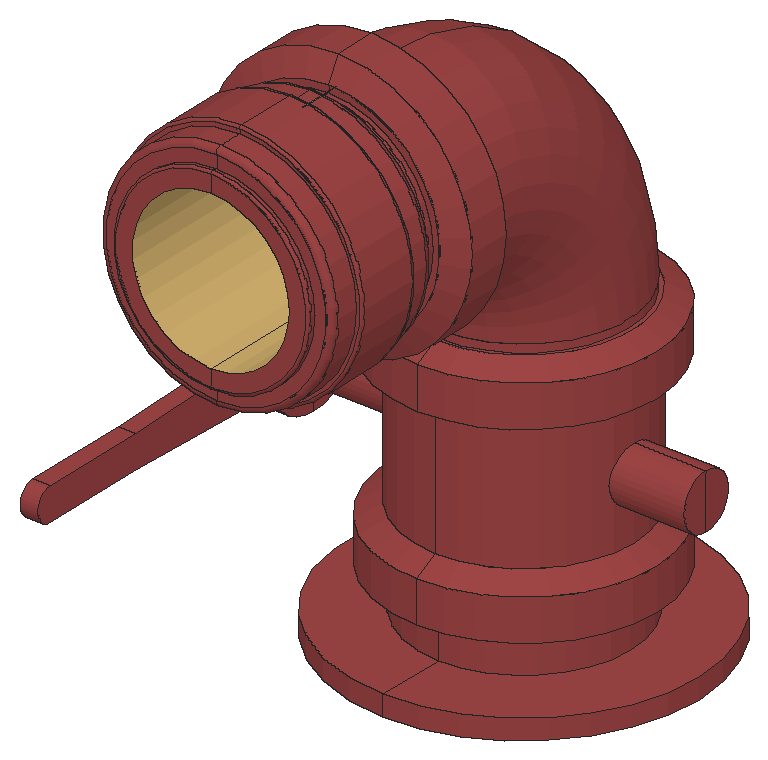
Revit family
Parameters (values of type "380234")
  URL = "www.galvinengineering.com.au"
  Type Comments = "380234"
  StyleOrType_ANZRS = "Fire Fighting Equipment"
  ModifiedIssue_ANZRS = 20120811.01  # constant formula
  Model = "380234"
  Manufacturer = "Galvin Engineering"
  Keynote = "10520"
  Instructions = "http://www.galvinengineering.com.au/Installation_Guides_1.aspx"
  FlowRate = 0.00 L/s
  FilterObject_ANZRS = "380234"
  DimOutletRadius = 62.5 mm
  DimInletRadius = 50.0 mm
  Description = "Suction Riser 150TE TO 125 Storz (Painted)"
  CreatedBy_ANZRS = "Galvin Engineering"
  CreatedByURL_ANZRS = "www.galvinengineering.com.au"
  CreatedByPhoneNo_ANZRS = "61-8-92495900"
  Assembly Code = "D4030"
Reference planes
  plane 1 "Center (Front/Back)": y = 0
  plane 2 "Bottom": z = 0
  plane 3 "Center (Left/Right)": x = 0
  plane 4 "Left": x = -215
  plane 5: z = 385
  plane 6 "Front": y = -310
Forms (mm)
  Revolve 1, solid, material "Metal_Fire-Fighting_Zincalume-Steel-Powder-Coated_15400"
    sketch origin (0, 0, 0) x (0, 1, 0) y (0, 0, 1)
      loop
        line (-184.038, 492.161) -> (-194.038, 474.161) -> (-194.038, 468.445) -> (-198.438, 468.445)
        arc (-198.438, 468.445) -> (-200.206, 467.713) -> (-200.938, 465.945) r 2.5
        line (-200.938, 465.945) -> (-200.938, 463.92) -> (-208.088, 463.92) -> (-208.088, 473.77)
        arc (-208.088, 473.77) -> (-209.553, 477.306) -> (-213.088, 478.77) r 5
        line (-213.088, 478.77) -> (-231.088, 478.77) -> (-231.088, 481.87)
        arc (-231.088, 481.87) -> (-231.674, 483.284) -> (-233.088, 483.87) r 2
        line (-233.088, 483.87) -> (-281.094, 483.87)
        arc (-281.094, 483.87) -> (-282.508, 483.284) -> (-283.094, 481.87) r 2
        line (-283.094, 481.87) -> (-283.094, 478.77) -> (-301.094, 478.77)
        arc (-301.094, 478.77) -> (-304.629, 477.306) -> (-306.094, 473.77) r 5
        line (-306.094, 473.77) -> (-306.094, 463.92) -> (-309.244, 463.92)
        arc (-309.244, 463.92) -> (-310.658, 463.334) -> (-311.244, 461.92) r 2
        line (-311.244, 461.92) -> (-311.244, 448.42) -> (-141.224, 448.42) -> (-141.224, 474.495) -> (-151.038, 492.161) -> (-184.038, 492.161)
      axis (-141.224, 385.92) -> (-311.244, 385.92)
    angle from 0 to 360
  Revolve 2, solid, material "Metal_Fire-Fighting_Zincalume-Steel-Powder-Coated_15400"
    sketch origin (0, 0, 0) x (0, 1, 0) y (0, 0, 1)
      loop
        line (140, 16) -> (85.15, 16) -> (85.15, 38.663) -> (106.241, 50.38) -> (106.241, 83.38) -> (88, 93.514) -> (88, 192.772) -> (105.583, 202.54) -> (105.583, 235.54) -> (87.583, 245.54) -> (44, 245.54) -> (44, 0) -> (140, 0) -> (140, 16)
      axis (0, 245.54) -> (0, 0)
    angle from 0 to 360
  Sweep 3, solid, material "Metal_Fire-Fighting_Zincalume-Steel-Powder-Coated_15400"
    path origin (0, 0, 0) x (0, 1, 0) y (0, 0, 1)
      loop
        line (-141.224, 385.97) -> (-134.808, 385.97)
        arc (-134.808, 385.97) -> (-39.914, 346.664) -> (-0.608, 251.77) r 134.2
        line (-0.608, 251.77) -> (-0.608, 245.54)
    profile origin (0, -39.914, 346.664) x (0, 0.707107, 0.707107) y (1, 0, 0)
      loop
        circle (0, 0) r 84.15
  Revolve 4, solid, material "Metal_Fire-Fighting_Zincalume-Steel-Powder-Coated_15400"
    sketch origin (0, 0, -22.464) x (1, 0, 0) y (0, 0, 1)
      loop
        line (145, 143.424) -> (145, 165.424) -> (-215, 165.424) -> (-215, 158.924) -> (-214.418, 157.916) -> (-183, 157.916) -> (-183, 120.424) -> (-167, 120.424) -> (-167, 143.424) -> (145, 143.424)
      axis (-215, 165.424) -> (145, 165.424)
    angle from 0 to 360
  Extrusion 5, solid, material "Metal_Fire-Fighting_Zincalume-Steel-Powder-Coated_15400"
    sketch origin (0, 0, 20.22) x (0, 1, 0) y (0, 0, 1)
      loop
        line (-172, 135.74) -> (-257, 135.74)
        arc (-257, 135.74) -> (-270, 122.74) -> (-257, 109.74) r 13
        line (-257, 109.74) -> (-172, 109.74) -> (0, 104.24) -> (25, 122.74) -> (0, 141.24) -> (-172, 135.74)
    from -171 to -185
Cuts and joins
  joined: Revolve 2, Revolve 4, Extrusion 5
Lines and regions (mm)
  symbolic lines, detail levels medium+fine
    curve 1: circle (0, -300, 385.92) r 64 normal (0, -1, 0)
    curve 2: circle (0, -300, 385.92) r 70 normal (0, -1, 0)
    curve 25: circle (-122.502, -300, 219.135) r 9.179 normal (0, -1, 0)
    curve 26: circle (-122.502, -300, 219.135) r 7.65 normal (0, -1, 0)
    curve 27: line (0, -48.43, 159.911) -> (0, -51.213, 161.6)
    curve 28: arc (0, -51.213, 161.6) -> (0, -50.57, 163.281) -> (0, -49.871, 164.94) r 54.5
    curve 29: line (0, -49.871, 164.94) -> (0, -43.271, 163.504)
    curve 30: arc (0, -43.271, 163.504) -> (0, -42.713, 164.64) -> (0, -42.125, 165.761) r 47.9
    curve 31: line (0, -42.125, 165.761) -> (0, -47.198, 170.21)
    curve 32: arc (0, -47.198, 170.21) -> (0, -46.273, 171.754) -> (0, -45.297, 173.266) r 54.5
    curve 33: line (0, -45.297, 173.266) -> (0, -39.046, 170.706)
    curve 34: arc (0, -39.046, 170.706) -> (0, -38.299, 171.728) -> (0, -37.526, 172.729) r 47.9
    curve 35: line (0, -37.526, 172.729) -> (0, -41.749, 177.992)
    curve 36: arc (0, -41.749, 177.992) -> (0, -40.57, 179.352) -> (0, -39.346, 180.672) r 54.5
    curve 37: line (0, -39.346, 180.672) -> (0, -33.635, 177.064)
    curve 38: arc (0, -33.635, 177.064) -> (0, -32.722, 177.941) -> (0, -31.786, 178.793) r 47.9
    curve 39: line (0, -31.786, 178.793) -> (0, -35.032, 184.709)
    curve 40: arc (0, -35.032, 184.709) -> (0, -33.634, 185.844) -> (0, -32.199, 186.931) r 54.5
    curve 41: line (0, -32.199, 186.931) -> (0, -27.202, 182.387)
    curve 42: arc (0, -27.202, 182.387) -> (0, -26.15, 183.092) -> (0, -25.081, 183.769) r 47.9
    curve 43: line (0, -25.081, 183.769) -> (0, -27.25, 190.158)
    curve 44: arc (0, -27.25, 190.158) -> (0, -25.676, 191.033) -> (0, -24.075, 191.854) r 54.5
    curve 45: line (0, -24.075, 191.854) -> (0, -19.942, 186.511)
    curve 46: arc (0, -19.942, 186.511) -> (0, -18.784, 187.023) -> (0, -17.614, 187.504) r 47.9
    curve 47: line (0, -17.614, 187.504) -> (0, -18.64, 194.173)
    curve 48: arc (0, -18.64, 194.173) -> (0, -16.939, 194.761) -> (0, -15.219, 195.292) r 54.5
    curve 49: line (0, -15.219, 195.292) -> (0, -12.076, 189.313)
    curve 50: arc (0, -12.076, 189.313) -> (0, -10.847, 189.616) -> (0, -9.611, 189.886) r 47.9
    curve 51: line (0, -9.611, 189.886) -> (0, -9.464, 196.632)
    curve 52: arc (0, -9.464, 196.632) -> (0, -7.686, 196.915) -> (0, -5.9, 197.14) r 54.5
    curve 53: line (0, -5.9, 197.14) -> (0, -3.844, 190.706)
    curve 54: arc (0, -3.844, 190.706) -> (0, -2.581, 190.79) -> (0, -1.316, 190.842) r 47.9
    curve 55: line (0, -1.316, 190.842) -> (0, 0, 197.46)
    curve 56: arc (0, 0, 197.46) -> (0, 5.723, 197.159) -> (0, 11.382, 196.258) r 54.5
    curve 57: arc (0, 11.382, 196.258) -> (0, 13.058, 196.659) -> (0, 13.8, 198.214) r 2
    curve 58: line (0, 13.8, 198.214) -> (0, 13.8, 209.46)
    curve 59: arc (0, 13.8, 209.46) -> (0, 14.093, 210.167) -> (0, 14.8, 210.46) r 1
    curve 60: line (0, 14.8, 210.46) -> (0, 28.8, 199.46)
    curve 61: line (0, 28.8, 199.46) -> (0, 43.072, 155.99)
    curve 62: circle (0, 0, 142.96) r 14.9 normal (-1, 0, 0)
    curve 63: line (0, -256.338, 483.783) -> (0, -256.338, 288.057)
    curve 64: line (0, -257.844, 483.783) -> (0, -257.844, 288.057)
    curve 65: line (0, -172, 129.96) -> (0, -172, 155.96)
    curve 75: circle (122.502, -300, 219.135) r 9.179 normal (0, 1, 0)
    curve 76: circle (122.502, -300, 219.135) r 7.65 normal (0, 1, 0)
    curve 86: circle (-122.502, -300, 67.962) r 9.179 normal (0, -1, 0)
    curve 87: circle (-122.502, -300, 67.962) r 7.65 normal (0, -1, 0)
    curve 97: circle (122.502, -300, 67.962) r 9.179 normal (0, 1, 0)
    curve 98: circle (122.502, -300, 67.962) r 7.65 normal (0, 1, 0)
  symbolic lines
    curve 3: circle (0, -300, 385.92) r 13 normal (0, -1, 0)
    curve 16: line (-83.754, -300, 256.717) -> (-108.754, -300, 256.717)
    curve 17: line (-88.754, -300, 181.554) -> (-108.754, -300, 181.554)
    curve 18: arc (-108.754, -300, 256.717) -> (-146.335, -300, 219.135) -> (-108.754, -300, 181.554) r 37.582
    curve 66: line (83.754, -300, 256.717) -> (108.754, -300, 256.717)
    curve 67: line (108.754, -300, 181.554) -> (86.752, -300, 181.554)
    curve 68: arc (108.754, -300, 256.717) -> (146.335, -300, 219.135) -> (108.754, -300, 181.554) r 37.582
    curve 77: line (-88.754, -300, 105.544) -> (-108.754, -300, 105.544)
    curve 78: line (-83.754, -300, 30.38) -> (-108.754, -300, 30.38)
    curve 79: arc (-108.754, -300, 105.544) -> (-146.335, -300, 67.962) -> (-108.754, -300, 30.38) r 37.582
    curve 88: line (86.752, -300, 105.544) -> (108.754, -300, 105.544)
    curve 89: line (83.754, -300, 30.38) -> (108.754, -300, 30.38)
    curve 90: arc (108.754, -300, 105.544) -> (146.335, -300, 67.962) -> (108.754, -300, 30.38) r 37.582
  symbolic lines, detail levels fine
    curve 4: line (-69.284, -300, 419.859) -> (-82.3, -300, 427.374)
    curve 5: line (-64.034, -300, 428.952) -> (-77.05, -300, 436.467)
    curve 6: line (-5.25, -300, 462.891) -> (-5.25, -300, 477.92)
    curve 7: line (5.25, -300, 462.891) -> (5.25, -300, 477.92)
    curve 8: line (64.034, -300, 428.952) -> (77.05, -300, 436.467)
    curve 9: line (69.284, -300, 419.859) -> (82.3, -300, 427.374)
    curve 10: line (70.354, -300, 351.364) -> (83.344, -300, 343.864)
    curve 11: line (65.104, -300, 342.27) -> (78.094, -300, 334.77)
    curve 12: line (5.25, -300, 307.381) -> (5.25, -300, 292.381)
    curve 13: line (-5.25, -300, 307.381) -> (-5.25, -300, 292.381)
    curve 14: line (-64.996, -300, 342.332) -> (-77.987, -300, 334.832)
    curve 15: line (-70.246, -300, 351.426) -> (-83.237, -300, 343.926)
    curve 19: line (-136.27, -300, 227.084) -> (-122.502, -300, 235.033)
    curve 20: line (-122.502, -300, 235.033) -> (-108.734, -300, 227.084)
    curve 21: line (-108.734, -300, 227.084) -> (-108.734, -300, 211.187)
    curve 22: line (-108.734, -300, 211.187) -> (-122.502, -300, 203.238)
    curve 23: line (-122.502, -300, 203.238) -> (-136.27, -300, 211.187)
    curve 24: line (-136.27, -300, 211.187) -> (-136.27, -300, 227.084)
    curve 69: line (136.27, -300, 227.084) -> (122.502, -300, 235.033)
    curve 70: line (122.502, -300, 235.033) -> (108.734, -300, 227.084)
    curve 71: line (108.734, -300, 227.084) -> (108.734, -300, 211.187)
    curve 72: line (108.734, -300, 211.187) -> (122.502, -300, 203.238)
    curve 73: line (122.502, -300, 203.238) -> (136.27, -300, 211.187)
    curve 74: line (136.27, -300, 211.187) -> (136.27, -300, 227.084)
    curve 80: line (-136.27, -300, 75.911) -> (-122.502, -300, 83.86)
    curve 81: line (-122.502, -300, 83.86) -> (-108.734, -300, 75.911)
    curve 82: line (-108.734, -300, 75.911) -> (-108.734, -300, 60.013)
    curve 83: line (-108.734, -300, 60.013) -> (-122.502, -300, 52.064)
    curve 84: line (-122.502, -300, 52.064) -> (-136.27, -300, 60.013)
    curve 85: line (-136.27, -300, 60.013) -> (-136.27, -300, 75.911)
    curve 91: line (136.27, -300, 75.911) -> (122.502, -300, 83.86)
    curve 92: line (122.502, -300, 83.86) -> (108.734, -300, 75.911)
    curve 93: line (108.734, -300, 75.911) -> (108.734, -300, 60.013)
    curve 94: line (108.734, -300, 60.013) -> (122.502, -300, 52.064)
    curve 95: line (122.502, -300, 52.064) -> (136.27, -300, 60.013)
    curve 96: line (136.27, -300, 60.013) -> (136.27, -300, 75.911)
Dimensions and locks
  locked: plane 4 "Left" to plane 3 "Center (Left/Right)" at 215  (x2)
  locked: plane 5 to plane 2 "Bottom" at 385
  locked: plane 2 "Bottom" to plane 5 at 385
  locked: plane 1 "Center (Front/Back)" to plane 6 "Front" at 310
  locked: plane 6 "Front" to plane 1 "Center (Front/Back)" at 310
  aligned and locked: plane 2 "Bottom" to level
  aligned: plane 1 "Center (Front/Back)" to Revolve 2 sketch curve
  aligned and locked: plane 2 "Bottom" to Revolve 2 sketch curve
  aligned and locked: Revolve 2 sketch curve to plane 1 "Center (Front/Back)"
Connectors
  piping at (0, 0, 0), driven by "DimInletRadius", driven by "FlowRate"
    settings: on cut or joined group of Revolve 2, Revolve 4, Extrusion 5, index 1, connector radius 50 mm, flow factor 0, pipe flow 0.00 L/s, pressure drop 0.0 Pa, fitting loss kfactor 0, connector angle 0.00°, fixture units 0, flow configuration 2, flow direction 1, fitting loss method 4, system type 23, connector reference index -1, connector utility 0, adjustable connector no, is connector primary yes, fitting loss table "", connector description "Inlet"
  piping at (0, -311.244, 385.92), driven by "DimOutletRadius", driven by "FlowRate"
    settings: on Revolve 1, index 2, connector radius 62.5 mm, flow factor 0, pipe flow 0.00 L/s, pressure drop 0.0 Pa, fitting loss kfactor 0, connector angle 0.00°, fixture units 0, flow configuration 2, flow direction 2, fitting loss method 4, system type 23, connector reference index -1, connector utility 0, adjustable connector no, is connector primary no, fitting loss table "", connector description "Outlet"
